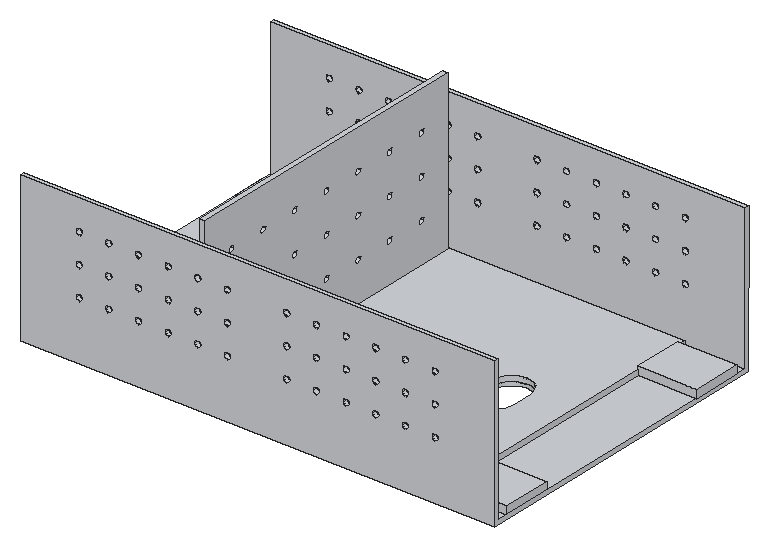
Revit family "SWS LT Double AnchorL", category Structural Connections, Revit 2026
Family settings
  Material for Model Behavior = Other
  Work Plane-Based = No
  Enable Cutting in Views = No
  Always vertical = No
  Cut with Voids When Loaded = No
  Shared = No
Parameters (values of type "SWS 800 LT (Double Anchor)")
  Version = "2.0"
  URL = "http://www.steelnetwork.com/product.aspx/StiffWall"
  Manufacturer = "The Steel Network, Inc."
  Is_800 = yes
  Is_600 = no
  Is_550 = no
  Is_400 = no
  Is_362 = no
  Is_350 = no
Types (7): name | Is_800 | Is_600 | Is_550 | Is_400 | Is_362 | Is_350
  (no name) | yes | no | no | no | no | no
  SWS 350 LT (Double Anchor) | no | no | no | no | no | yes
  SWS 362 LT (Double Anchor) | no | no | no | no | yes | no
  SWS 400 LT (Double Anchor) | no | no | no | yes | no | no
  SWS 550 LT (Double Anchor) | no | no | yes | no | no | no
  SWS 600 LT (Double Anchor) | no | yes | no | no | no | no
  SWS 800 LT (Double Anchor) | yes | no | no | no | no | no
Reference planes (in)
  plane 1 "Center (Front/Back)": y = 0
  plane 2: z = 0
  plane 3 "Center (Left/Right)": x = 0
Nested families (in)
  nested 1: "SWS 362 LT" at (3.00005, 0, 0.2257), visible <- "Is_362", type "SWS 362 LT"
  nested 2: "SWS 400 LT" at (3.00005, 0, 0.2257), visible <- "Is_400", type "SWS 400 LT"
  nested 3: "SWS 550 LT" at (3.00005, 0, 0.2257), visible <- "Is_550", type "SWS 550 LT"
  nested 4: "SWS 600 LT" at (3.00005, 0, 0.2257), visible <- "Is_600", type "SWS 600 LT"
  nested 5: "SWS 800 LT" at (3.00005, 0, 0.2257), visible <- "Is_800", type "SWS 800 LT"
  nested 6: "SWS 350 LT" at (3.00005, 0, 0.2257), visible <- "Is_350", type "SWS 350 LT"
Definition of nested family "SWS 362 LT"
  Parameters
    Default Elevation = 48.0000"
  Reference planes (in)
    plane 1 "Center (Front/Back)": y = 0
    plane 2: z = 0
    plane 3 "Center (Left/Right)": x = 0
    plane 4: y = 1.4536
    plane 5: y = 0.1893
    plane 6: y = -1.4536
  Forms (in)
    Extrusion 1, solid
      sketch origin (-3.00005, 0, 0) x (1, 0, 0) y (0, 0, 1)
        loop
          line (0, 4) -> (-0.124, 4) -> (-0.124, 0.11777) -> (-3, 0.11777) -> (-3, 0) -> (0, 0) -> (0, 4)
      from -1.6475 to 1.6475
    Extrusion 2, solid
      sketch origin (0, 0, 0) x (1, 0, 0) y (0, 0, 1)
        loop
          line (2.96875, 0) -> (-6.03125, 0) -> (-6.03125, -0.124) -> (2.96875, -0.124) -> (2.96875, 0)
      from -1.6845 to 1.6845
    Extrusion 3, solid
      sketch origin (0, 0, 0) x (0, 1, 0) y (0, 0, 1)
        loop
          line (1.8177, 3.5243) -> (1.716, 3.5243) -> (1.716, -0.124) -> (-1.716, -0.124) -> (-1.716, 3.5243) -> (-1.8177, 3.5243) -> (-1.8177, -0.2257) -> (1.8177, -0.2257) -> (1.8177, 3.5243)
      from -7.53125 to 4.46875
    Extrusion 4, void
      sketch origin (0, 0, 0) x (1, 0, 0) y (0, 0, 1)
        loop
          circle (-6.03125, 2.7743) r 0.082
        loop
          circle (-6.03125, 2.0243) r 0.082
        loop
          circle (-6.03125, 1.2743) r 0.082
        loop
          circle (-5.28125, 2.7743) r 0.082
        loop
          circle (-5.28125, 2.0243) r 0.082
        loop
          circle (-5.28125, 1.2743) r 0.082
        loop
          circle (-4.53125, 2.7743) r 0.082
        loop
          circle (-4.53125, 2.0243) r 0.082
        loop
          circle (-4.53125, 1.2743) r 0.082
        loop
          circle (-3.78125, 2.7743) r 0.082
        loop
          circle (-3.78125, 2.0243) r 0.082
        loop
          circle (-3.78125, 1.2743) r 0.082
        loop
          circle (-3.03125, 2.7743) r 0.082
        loop
          circle (-3.03125, 2.0243) r 0.082
        loop
          circle (-3.03125, 1.2743) r 0.082
        loop
          circle (-2.28125, 2.7743) r 0.082
        loop
          circle (-2.28125, 2.0243) r 0.082
        loop
          circle (-2.28125, 1.2743) r 0.082
        loop
          circle (-0.78125, 2.7743) r 0.082
        loop
          circle (-0.78125, 2.0243) r 0.082
        loop
          circle (-0.78125, 1.2743) r 0.082
        loop
          circle (-0.03125, 2.7743) r 0.082
        loop
          circle (-0.03125, 2.0243) r 0.082
        loop
          circle (-0.03125, 1.2743) r 0.082
        loop
          circle (0.71875, 2.7743) r 0.082
        loop
          circle (0.71875, 2.0243) r 0.082
        loop
          circle (0.71875, 1.2743) r 0.082
        loop
          circle (1.46875, 2.7743) r 0.082
        loop
          circle (1.46875, 2.0243) r 0.082
        loop
          circle (1.46875, 1.2743) r 0.082
        loop
          circle (2.21875, 2.7743) r 0.082
        loop
          circle (2.21875, 2.0243) r 0.082
        loop
          circle (2.21875, 1.2743) r 0.082
        loop
          circle (2.96875, 2.7743) r 0.082
        loop
          circle (2.96875, 2.0243) r 0.082
        loop
          circle (2.96875, 1.2743) r 0.082
      from 1.716 to 1.8177
    Extrusion 5, void
      sketch origin (0, 0, 0) x (1, 0, 0) y (0, 0, 1)
        loop
          circle (-6.03125, 2.7743) r 0.082
        loop
          circle (-6.03125, 2.0243) r 0.082
        loop
          circle (-6.03125, 1.2743) r 0.082
        loop
          circle (-5.28125, 2.7743) r 0.082
        loop
          circle (-5.28125, 2.0243) r 0.082
        loop
          circle (-5.28125, 1.2743) r 0.082
        loop
          circle (-4.53125, 2.7743) r 0.082
        loop
          circle (-4.53125, 2.0243) r 0.082
        loop
          circle (-4.53125, 1.2743) r 0.082
        loop
          circle (-3.78125, 2.7743) r 0.082
        loop
          circle (-3.78125, 2.0243) r 0.082
        loop
          circle (-3.78125, 1.2743) r 0.082
        loop
          circle (-3.03125, 2.7743) r 0.082
        loop
          circle (-3.03125, 2.0243) r 0.082
        loop
          circle (-3.03125, 1.2743) r 0.082
        loop
          circle (-2.28125, 2.7743) r 0.082
        loop
          circle (-2.28125, 2.0243) r 0.082
        loop
          circle (-2.28125, 1.2743) r 0.082
        loop
          circle (-0.78125, 2.7743) r 0.082
        loop
          circle (-0.78125, 2.0243) r 0.082
        loop
          circle (-0.78125, 1.2743) r 0.082
        loop
          circle (-0.03125, 2.7743) r 0.082
        loop
          circle (-0.03125, 2.0243) r 0.082
        loop
          circle (-0.03125, 1.2743) r 0.082
        loop
          circle (0.71875, 2.7743) r 0.082
        loop
          circle (0.71875, 2.0243) r 0.082
        loop
          circle (0.71875, 1.2743) r 0.082
        loop
          circle (1.46875, 2.7743) r 0.082
        loop
          circle (1.46875, 2.0243) r 0.082
        loop
          circle (1.46875, 1.2743) r 0.082
        loop
          circle (2.21875, 2.7743) r 0.082
        loop
          circle (2.21875, 2.0243) r 0.082
        loop
          circle (2.21875, 1.2743) r 0.082
        loop
          circle (2.96875, 2.7743) r 0.082
        loop
          circle (2.96875, 2.0243) r 0.082
        loop
          circle (2.96875, 1.2743) r 0.082
      from -1.8177 to -1.716
    Extrusion 6, void
      sketch origin (0, 0, 0) x (0, 1, 0) y (0, 0, 1)
        loop
          circle (-1.0685, 3) r 0.086
        loop
          circle (-1.0685, 2) r 0.086
        loop
          circle (-1.0685, 1) r 0.086
        loop
          circle (-0.0685, 3) r 0.086
        loop
          circle (-0.0685, 2) r 0.086
        loop
          circle (-0.0685, 1) r 0.086
        loop
          circle (0.9315, 3) r 0.086
        loop
          circle (0.9315, 2) r 0.086
        loop
          circle (0.9315, 1) r 0.086
      from -3.12405 to -3.00005
    Extrusion 7, solid
      sketch origin (10.5, 0, 0) x (1, 0, 0) y (0, 1, 0)
        loop
          line (-7.53125, 1.4536) -> (-7.53125, 0.1893) -> (-6.03125, 0.1893) -> (-6.03125, 1.4536) -> (-7.53125, 1.4536)
      from -0.124 to 0.0831
    Extrusion 8, void
      sketch origin (0, 0, 0) x (1, 0, 0) y (0, 1, 0)
        loop
          line (-5, 0.28125) -> (-5, -0.28125)
          arc (-5, -0.28125) -> (-4.53125, -0.75) -> (-4.0625, -0.28125) r 0.46875
          line (-4.0625, -0.28125) -> (-4.0625, 0.28125)
          arc (-4.0625, 0.28125) -> (-4.53125, 0.75) -> (-5, 0.28125) r 0.46875
        loop
          line (1, 0.28125) -> (1, -0.28125)
          arc (1, -0.28125) -> (1.46875, -0.75) -> (1.9375, -0.28125) r 0.46875
          line (1.9375, -0.28125) -> (1.9375, 0.28125)
          arc (1.9375, 0.28125) -> (1.46875, 0.75) -> (1, 0.28125) r 0.46875
      from -0.2257 to 0.11777
    Extrusion 9, void
      sketch origin (-3, 0, 0) x (1, 0, 0) y (0, 1, 0)
        loop
          line (1, 0.28125) -> (1, -0.28125)
          arc (1, -0.28125) -> (1.46875, -0.75) -> (1.9375, -0.28125) r 0.46875
          line (1.9375, -0.28125) -> (1.9375, 0.28125)
          arc (1.9375, 0.28125) -> (1.46875, 0.75) -> (1, 0.28125) r 0.46875
      from -0.2257 to 0
    Extrusion 10, solid
      sketch origin (10.5, -1.6429, 0) x (1, 0, 0) y (0, 1, 0)
        loop
          line (-7.53125, 1.4536) -> (-7.53125, 0.1893) -> (-6.03125, 0.1893) -> (-6.03125, 1.4536) -> (-7.53125, 1.4536)
      from -0.124 to 0.0831
    Extrusion 11, solid
      sketch origin (0, 0, 0) x (1, 0, 0) y (0, 1, 0)
        loop
          line (-7.53125, 1.4536) -> (-7.53125, 0.1893) -> (-6.03125, 0.1893) -> (-6.03125, 1.4536) -> (-7.53125, 1.4536)
      from -0.124 to 0.0831
    Extrusion 12, solid
      sketch origin (0, -1.6429, 0) x (1, 0, 0) y (0, 1, 0)
        loop
          line (-7.53125, 1.4536) -> (-7.53125, 0.1893) -> (-6.03125, 0.1893) -> (-6.03125, 1.4536) -> (-7.53125, 1.4536)
      from -0.124 to 0.0831
  Cuts and joins
    Extrusion 4, Extrusion 5, Extrusion 6, Extrusion 8, Extrusion 9 cuts Extrusion 1
    Extrusion 4, Extrusion 5, Extrusion 6, Extrusion 8, Extrusion 9 cuts Extrusion 3
    Extrusion 8, Extrusion 9 cuts Extrusion 2
Definition of nested family "SWS 400 LT"
  Parameters
    Default Elevation = 48.0000"
  Reference planes (in)
    plane 1 "Center (Front/Back)": y = 0
    plane 2: z = 0
    plane 3 "Center (Left/Right)": x = 0
    plane 4: y = -1.9035
  Forms (in)
    Extrusion 1, solid
      sketch origin (-3.00005, 0, 0) x (1, 0, 0) y (0, 0, 1)
        loop
          line (0, 4) -> (-0.124, 4) -> (-0.124, 0.11777) -> (-3, 0.11777) -> (-3, 0) -> (0, 0) -> (0, 4)
      from -1.835 to 1.835
    Extrusion 2, solid
      sketch origin (0, 0, 0) x (1, 0, 0) y (0, 0, 1)
        loop
          line (2.96875, 0) -> (-6.03125, 0) -> (-6.03125, -0.124) -> (2.96875, -0.124) -> (2.96875, 0)
      from -1.872 to 1.872
    Extrusion 3, solid
      sketch origin (0, 0, 0) x (0, 1, 0) y (0, 0, 1)
        loop
          line (2.0052, 3.5243) -> (1.9035, 3.5243) -> (1.9035, -0.124) -> (-1.9035, -0.124) -> (-1.9035, 3.5243) -> (-2.0052, 3.5243) -> (-2.0052, -0.2257) -> (2.0052, -0.2257) -> (2.0052, 3.5243)
      from -7.53125 to 4.46875
    Extrusion 4, void
      sketch origin (0, 0, 0) x (1, 0, 0) y (0, 0, 1)
        loop
          circle (-6.03125, 2.7743) r 0.082
        loop
          circle (-6.03125, 2.0243) r 0.082
        loop
          circle (-6.03125, 1.2743) r 0.082
        loop
          circle (-5.28125, 2.7743) r 0.082
        loop
          circle (-5.28125, 2.0243) r 0.082
        loop
          circle (-5.28125, 1.2743) r 0.082
        loop
          circle (-4.53125, 2.7743) r 0.082
        loop
          circle (-4.53125, 2.0243) r 0.082
        loop
          circle (-4.53125, 1.2743) r 0.082
        loop
          circle (-3.78125, 2.7743) r 0.082
        loop
          circle (-3.78125, 2.0243) r 0.082
        loop
          circle (-3.78125, 1.2743) r 0.082
        loop
          circle (-3.03125, 2.7743) r 0.082
        loop
          circle (-3.03125, 2.0243) r 0.082
        loop
          circle (-3.03125, 1.2743) r 0.082
        loop
          circle (-2.28125, 2.7743) r 0.082
        loop
          circle (-2.28125, 2.0243) r 0.082
        loop
          circle (-2.28125, 1.2743) r 0.082
        loop
          circle (-0.78125, 2.7743) r 0.082
        loop
          circle (-0.78125, 2.0243) r 0.082
        loop
          circle (-0.78125, 1.2743) r 0.082
        loop
          circle (-0.03125, 2.7743) r 0.082
        loop
          circle (-0.03125, 2.0243) r 0.082
        loop
          circle (-0.03125, 1.2743) r 0.082
        loop
          circle (0.71875, 2.7743) r 0.082
        loop
          circle (0.71875, 2.0243) r 0.082
        loop
          circle (0.71875, 1.2743) r 0.082
        loop
          circle (1.46875, 2.7743) r 0.082
        loop
          circle (1.46875, 2.0243) r 0.082
        loop
          circle (1.46875, 1.2743) r 0.082
        loop
          circle (2.21875, 2.7743) r 0.082
        loop
          circle (2.21875, 2.0243) r 0.082
        loop
          circle (2.21875, 1.2743) r 0.082
        loop
          circle (2.96875, 2.7743) r 0.082
        loop
          circle (2.96875, 2.0243) r 0.082
        loop
          circle (2.96875, 1.2743) r 0.082
      from 1.9035 to 2.0052
    Extrusion 5, void
      sketch origin (0, 0, 0) x (1, 0, 0) y (0, 0, 1)
        loop
          circle (-6.03125, 2.7743) r 0.082
        loop
          circle (-6.03125, 2.0243) r 0.082
        loop
          circle (-6.03125, 1.2743) r 0.082
        loop
          circle (-5.28125, 2.7743) r 0.082
        loop
          circle (-5.28125, 2.0243) r 0.082
        loop
          circle (-5.28125, 1.2743) r 0.082
        loop
          circle (-4.53125, 2.7743) r 0.082
        loop
          circle (-4.53125, 2.0243) r 0.082
        loop
          circle (-4.53125, 1.2743) r 0.082
        loop
          circle (-3.78125, 2.7743) r 0.082
        loop
          circle (-3.78125, 2.0243) r 0.082
        loop
          circle (-3.78125, 1.2743) r 0.082
        loop
          circle (-3.03125, 2.7743) r 0.082
        loop
          circle (-3.03125, 2.0243) r 0.082
        loop
          circle (-3.03125, 1.2743) r 0.082
        loop
          circle (-2.28125, 2.7743) r 0.082
        loop
          circle (-2.28125, 2.0243) r 0.082
        loop
          circle (-2.28125, 1.2743) r 0.082
        loop
          circle (-0.78125, 2.7743) r 0.082
        loop
          circle (-0.78125, 2.0243) r 0.082
        loop
          circle (-0.78125, 1.2743) r 0.082
        loop
          circle (-0.03125, 2.7743) r 0.082
        loop
          circle (-0.03125, 2.0243) r 0.082
        loop
          circle (-0.03125, 1.2743) r 0.082
        loop
          circle (0.71875, 2.7743) r 0.082
        loop
          circle (0.71875, 2.0243) r 0.082
        loop
          circle (0.71875, 1.2743) r 0.082
        loop
          circle (1.46875, 2.7743) r 0.082
        loop
          circle (1.46875, 2.0243) r 0.082
        loop
          circle (1.46875, 1.2743) r 0.082
        loop
          circle (2.21875, 2.7743) r 0.082
        loop
          circle (2.21875, 2.0243) r 0.082
        loop
          circle (2.21875, 1.2743) r 0.082
        loop
          circle (2.96875, 2.7743) r 0.082
        loop
          circle (2.96875, 2.0243) r 0.082
        loop
          circle (2.96875, 1.2743) r 0.082
      from -2.0052 to -1.9035
    Extrusion 6, void
      sketch origin (0, 0, 0) x (0, 1, 0) y (0, 0, 1)
        loop
          circle (-1, 3) r 0.086
        loop
          circle (-1, 2) r 0.086
        loop
          circle (-1, 1) r 0.086
        loop
          circle (0, 3) r 0.086
        loop
          circle (0, 2) r 0.086
        loop
          circle (0, 1) r 0.086
        loop
          circle (1, 3) r 0.086
        loop
          circle (1, 2) r 0.086
        loop
          circle (1, 1) r 0.086
      from -3.12405 to -3.00005
    Extrusion 7, solid
      sketch origin (10.5, 0, 0) x (1, 0, 0) y (0, 1, 0)
        loop
          line (-7.53125, 1.6411) -> (-7.53125, 0.3768) -> (-6.03125, 0.3768) -> (-6.03125, 1.6411) -> (-7.53125, 1.6411)
      from -0.124 to 0.0831
    Extrusion 8, void
      sketch origin (0, 0, 0) x (1, 0, 0) y (0, 1, 0)
        loop
          line (-5, 0.28125) -> (-5, -0.28125)
          arc (-5, -0.28125) -> (-4.53125, -0.75) -> (-4.0625, -0.28125) r 0.46875
          line (-4.0625, -0.28125) -> (-4.0625, 0.28125)
          arc (-4.0625, 0.28125) -> (-4.53125, 0.75) -> (-5, 0.28125) r 0.46875
        loop
          line (1, 0.28125) -> (1, -0.28125)
          arc (1, -0.28125) -> (1.46875, -0.75) -> (1.9375, -0.28125) r 0.46875
          line (1.9375, -0.28125) -> (1.9375, 0.28125)
          arc (1.9375, 0.28125) -> (1.46875, 0.75) -> (1, 0.28125) r 0.46875
      from -0.2257 to 0.11777
    Extrusion 9, void
      sketch origin (-3, 0, 0) x (1, 0, 0) y (0, 1, 0)
        loop
          line (1, 0.28125) -> (1, -0.28125)
          arc (1, -0.28125) -> (1.46875, -0.75) -> (1.9375, -0.28125) r 0.46875
          line (1.9375, -0.28125) -> (1.9375, 0.28125)
          arc (1.9375, 0.28125) -> (1.46875, 0.75) -> (1, 0.28125) r 0.46875
      from -0.2257 to 0
    Extrusion 10, solid
      sketch origin (10.5, -2.0179, 0) x (1, 0, 0) y (0, 1, 0)
        loop
          line (-7.53125, 1.6411) -> (-7.53125, 0.3768) -> (-6.03125, 0.3768) -> (-6.03125, 1.6411) -> (-7.53125, 1.6411)
      from -0.124 to 0.0831
    Extrusion 11, solid
      sketch origin (0, 0, 0) x (1, 0, 0) y (0, 1, 0)
        loop
          line (-7.53125, 1.6411) -> (-7.53125, 0.3768) -> (-6.03125, 0.3768) -> (-6.03125, 1.6411) -> (-7.53125, 1.6411)
      from -0.124 to 0.0831
    Extrusion 12, solid
      sketch origin (0, -2.0179, 0) x (1, 0, 0) y (0, 1, 0)
        loop
          line (-7.53125, 1.6411) -> (-7.53125, 0.3768) -> (-6.03125, 0.3768) -> (-6.03125, 1.6411) -> (-7.53125, 1.6411)
      from -0.124 to 0.0831
  Cuts and joins
    Extrusion 4, Extrusion 5, Extrusion 6, Extrusion 8, Extrusion 9 cuts Extrusion 1
    Extrusion 4, Extrusion 5, Extrusion 6, Extrusion 8, Extrusion 9 cuts Extrusion 3
    Extrusion 8, Extrusion 9 cuts Extrusion 2
Definition of nested family "SWS 550 LT"
  Parameters
    Default Elevation = 48.0000"
  Reference planes (in)
    plane 1 "Center (Front/Back)": y = 0
    plane 2: z = 0
    plane 3 "Center (Left/Right)": x = 0
    plane 4: y = -2.6535
    plane 5: y = 2.3911
    plane 6: y = 1.1268
    plane 7: y = -2.3911
  Forms (in)
    Extrusion 1, solid
      sketch origin (-3.00005, 0, 0) x (1, 0, 0) y (0, 0, 1)
        loop
          line (0, 4) -> (-0.124, 4) -> (-0.124, 0.11777) -> (-3, 0.11777) -> (-3, 0) -> (0, 0) -> (0, 4)
      from -2.585 to 2.585
    Extrusion 2, solid
      sketch origin (0, 0, 0) x (1, 0, 0) y (0, 0, 1)
        loop
          line (2.96875, 0) -> (-6.03125, 0) -> (-6.03125, -0.124) -> (2.96875, -0.124) -> (2.96875, 0)
      from -2.622 to 2.622
    Extrusion 3, solid
      sketch origin (0, 0, 0) x (0, 1, 0) y (0, 0, 1)
        loop
          line (2.7552, 3.5243) -> (2.6535, 3.5243) -> (2.6535, -0.124) -> (-2.6535, -0.124) -> (-2.6535, 3.5243) -> (-2.7552, 3.5243) -> (-2.7552, -0.2257) -> (2.7552, -0.2257) -> (2.7552, 3.5243)
      from -7.53125 to 4.46875
    Extrusion 4, void
      sketch origin (0, 0, 0) x (1, 0, 0) y (0, 0, 1)
        loop
          circle (-6.03125, 2.7743) r 0.082
        loop
          circle (-6.03125, 2.0243) r 0.082
        loop
          circle (-6.03125, 1.2743) r 0.082
        loop
          circle (-5.28125, 2.7743) r 0.082
        loop
          circle (-5.28125, 2.0243) r 0.082
        loop
          circle (-5.28125, 1.2743) r 0.082
        loop
          circle (-4.53125, 2.7743) r 0.082
        loop
          circle (-4.53125, 2.0243) r 0.082
        loop
          circle (-4.53125, 1.2743) r 0.082
        loop
          circle (-3.78125, 2.7743) r 0.082
        loop
          circle (-3.78125, 2.0243) r 0.082
        loop
          circle (-3.78125, 1.2743) r 0.082
        loop
          circle (-3.03125, 2.7743) r 0.082
        loop
          circle (-3.03125, 2.0243) r 0.082
        loop
          circle (-3.03125, 1.2743) r 0.082
        loop
          circle (-2.28125, 2.7743) r 0.082
        loop
          circle (-2.28125, 2.0243) r 0.082
        loop
          circle (-2.28125, 1.2743) r 0.082
        loop
          circle (-0.78125, 2.7743) r 0.082
        loop
          circle (-0.78125, 2.0243) r 0.082
        loop
          circle (-0.78125, 1.2743) r 0.082
        loop
          circle (-0.03125, 2.7743) r 0.082
        loop
          circle (-0.03125, 2.0243) r 0.082
        loop
          circle (-0.03125, 1.2743) r 0.082
        loop
          circle (0.71875, 2.7743) r 0.082
        loop
          circle (0.71875, 2.0243) r 0.082
        loop
          circle (0.71875, 1.2743) r 0.082
        loop
          circle (1.46875, 2.7743) r 0.082
        loop
          circle (1.46875, 2.0243) r 0.082
        loop
          circle (1.46875, 1.2743) r 0.082
        loop
          circle (2.21875, 2.7743) r 0.082
        loop
          circle (2.21875, 2.0243) r 0.082
        loop
          circle (2.21875, 1.2743) r 0.082
        loop
          circle (2.96875, 2.7743) r 0.082
        loop
          circle (2.96875, 2.0243) r 0.082
        loop
          circle (2.96875, 1.2743) r 0.082
      from 2.6535 to 2.7552
    Extrusion 5, void
      sketch origin (0, 0, 0) x (1, 0, 0) y (0, 0, 1)
        loop
          circle (-6.03125, 2.7743) r 0.082
        loop
          circle (-6.03125, 2.0243) r 0.082
        loop
          circle (-6.03125, 1.2743) r 0.082
        loop
          circle (-5.28125, 2.7743) r 0.082
        loop
          circle (-5.28125, 2.0243) r 0.082
        loop
          circle (-5.28125, 1.2743) r 0.082
        loop
          circle (-4.53125, 2.7743) r 0.082
        loop
          circle (-4.53125, 2.0243) r 0.082
        loop
          circle (-4.53125, 1.2743) r 0.082
        loop
          circle (-3.78125, 2.7743) r 0.082
        loop
          circle (-3.78125, 2.0243) r 0.082
        loop
          circle (-3.78125, 1.2743) r 0.082
        loop
          circle (-3.03125, 2.7743) r 0.082
        loop
          circle (-3.03125, 2.0243) r 0.082
        loop
          circle (-3.03125, 1.2743) r 0.082
        loop
          circle (-2.28125, 2.7743) r 0.082
        loop
          circle (-2.28125, 2.0243) r 0.082
        loop
          circle (-2.28125, 1.2743) r 0.082
        loop
          circle (-0.78125, 2.7743) r 0.082
        loop
          circle (-0.78125, 2.0243) r 0.082
        loop
          circle (-0.78125, 1.2743) r 0.082
        loop
          circle (-0.03125, 2.7743) r 0.082
        loop
          circle (-0.03125, 2.0243) r 0.082
        loop
          circle (-0.03125, 1.2743) r 0.082
        loop
          circle (0.71875, 2.7743) r 0.082
        loop
          circle (0.71875, 2.0243) r 0.082
        loop
          circle (0.71875, 1.2743) r 0.082
        loop
          circle (1.46875, 2.7743) r 0.082
        loop
          circle (1.46875, 2.0243) r 0.082
        loop
          circle (1.46875, 1.2743) r 0.082
        loop
          circle (2.21875, 2.7743) r 0.082
        loop
          circle (2.21875, 2.0243) r 0.082
        loop
          circle (2.21875, 1.2743) r 0.082
        loop
          circle (2.96875, 2.7743) r 0.082
        loop
          circle (2.96875, 2.0243) r 0.082
        loop
          circle (2.96875, 1.2743) r 0.082
      from -2.7552 to -2.6535
    Extrusion 6, void
      sketch origin (0, 0, 0) x (0, 1, 0) y (0, 0, 1)
        loop
          circle (-2, 3) r 0.086
        loop
          circle (-2, 2) r 0.086
        loop
          circle (-1.99699, 1) r 0.086
        loop
          circle (-1, 3) r 0.086
        loop
          circle (-1, 2) r 0.086
        loop
          circle (-1, 1) r 0.086
        loop
          circle (1, 3) r 0.086
        loop
          circle (1, 2) r 0.086
        loop
          circle (1, 1) r 0.086
        loop
          circle (0, 3) r 0.086
        loop
          circle (0, 2) r 0.086
        loop
          circle (0, 1) r 0.086
        loop
          circle (2, 3) r 0.086
        loop
          circle (2, 2) r 0.086
        loop
          circle (2, 1) r 0.086
      from -3.12405 to -3.00005
    Extrusion 7, solid
      sketch origin (10.5, 0, 0) x (1, 0, 0) y (0, 1, 0)
        loop
          line (-7.53125, 2.3911) -> (-7.53125, 1.1268) -> (-6.03125, 1.1268) -> (-6.03125, 2.3911) -> (-7.53125, 2.3911)
      from -0.124 to 0.0831
    Extrusion 8, void
      sketch origin (0, 0, 0) x (1, 0, 0) y (0, 1, 0)
        loop
          line (-5, 0.28125) -> (-5, -0.28125)
          arc (-5, -0.28125) -> (-4.53125, -0.75) -> (-4.0625, -0.28125) r 0.46875
          line (-4.0625, -0.28125) -> (-4.0625, 0.28125)
          arc (-4.0625, 0.28125) -> (-4.53125, 0.75) -> (-5, 0.28125) r 0.46875
        loop
          line (1, 0.28125) -> (1, -0.28125)
          arc (1, -0.28125) -> (1.46875, -0.75) -> (1.9375, -0.28125) r 0.46875
          line (1.9375, -0.28125) -> (1.9375, 0.28125)
          arc (1.9375, 0.28125) -> (1.46875, 0.75) -> (1, 0.28125) r 0.46875
      from -0.2257 to 0.11777
    Extrusion 9, void
      sketch origin (-3, 0, 0) x (1, 0, 0) y (0, 1, 0)
        loop
          line (1, 0.28125) -> (1, -0.28125)
          arc (1, -0.28125) -> (1.46875, -0.75) -> (1.9375, -0.28125) r 0.46875
          line (1.9375, -0.28125) -> (1.9375, 0.28125)
          arc (1.9375, 0.28125) -> (1.46875, 0.75) -> (1, 0.28125) r 0.46875
      from -0.2257 to 0
    Extrusion 10, solid
      sketch origin (10.5, -3.5179, 0) x (1, 0, 0) y (0, 1, 0)
        loop
          line (-7.53125, 2.3911) -> (-7.53125, 1.1268) -> (-6.03125, 1.1268) -> (-6.03125, 2.3911) -> (-7.53125, 2.3911)
      from -0.124 to 0.0831
    Extrusion 11, solid
      sketch origin (0, 0, 0) x (1, 0, 0) y (0, 1, 0)
        loop
          line (-7.53125, 2.3911) -> (-7.53125, 1.1268) -> (-6.03125, 1.1268) -> (-6.03125, 2.3911) -> (-7.53125, 2.3911)
      from -0.124 to 0.0831
    Extrusion 12, solid
      sketch origin (0, -3.5179, 0) x (1, 0, 0) y (0, 1, 0)
        loop
          line (-7.53125, 2.3911) -> (-7.53125, 1.1268) -> (-6.03125, 1.1268) -> (-6.03125, 2.3911) -> (-7.53125, 2.3911)
      from -0.124 to 0.0831
  Cuts and joins
    Extrusion 4, Extrusion 5, Extrusion 6, Extrusion 8, Extrusion 9 cuts Extrusion 1
    Extrusion 4, Extrusion 5, Extrusion 6, Extrusion 8, Extrusion 9 cuts Extrusion 3
    Extrusion 8, Extrusion 9 cuts Extrusion 2
Definition of nested family "SWS 600 LT"
  Parameters
    Default Elevation = 48.0000"
  Reference planes (in)
    plane 1 "Center (Front/Back)": y = 0
    plane 2: z = 0
    plane 3 "Center (Left/Right)": x = 0
    plane 4: y = 2.6411
    plane 5: y = 1.3768
    plane 6: y = -2.6411
  Forms (in)
    Extrusion 1, solid
      sketch origin (-3.00005, 0, 0) x (1, 0, 0) y (0, 0, 1)
        loop
          line (0, 4) -> (-0.124, 4) -> (-0.124, 0.11777) -> (-3, 0.11777) -> (-3, 0) -> (0, 0) -> (0, 4)
      from -2.835 to 2.835
    Extrusion 2, solid
      sketch origin (0, 0, 0) x (1, 0, 0) y (0, 0, 1)
        loop
          line (2.96875, 0) -> (-6.03125, 0) -> (-6.03125, -0.124) -> (2.96875, -0.124) -> (2.96875, 0)
      from -2.872 to 2.872
    Extrusion 3, solid
      sketch origin (0, 0, 0) x (0, 1, 0) y (0, 0, 1)
        loop
          line (3.0052, 3.5243) -> (2.9035, 3.5243) -> (2.9035, -0.124) -> (-2.9035, -0.124) -> (-2.9035, 3.5243) -> (-3.0052, 3.5243) -> (-3.0052, -0.2257) -> (3.0052, -0.2257) -> (3.0052, 3.5243)
      from -7.53125 to 4.46875
    Extrusion 4, void
      sketch origin (0, 0, 0) x (1, 0, 0) y (0, 0, 1)
        loop
          circle (-6.03125, 2.7743) r 0.082
        loop
          circle (-6.03125, 2.0243) r 0.082
        loop
          circle (-6.03125, 1.2743) r 0.082
        loop
          circle (-5.28125, 2.7743) r 0.082
        loop
          circle (-5.28125, 2.0243) r 0.082
        loop
          circle (-5.28125, 1.2743) r 0.082
        loop
          circle (-4.53125, 2.7743) r 0.082
        loop
          circle (-4.53125, 2.0243) r 0.082
        loop
          circle (-4.53125, 1.2743) r 0.082
        loop
          circle (-3.78125, 2.7743) r 0.082
        loop
          circle (-3.78125, 2.0243) r 0.082
        loop
          circle (-3.78125, 1.2743) r 0.082
        loop
          circle (-3.03125, 2.7743) r 0.082
        loop
          circle (-3.03125, 2.0243) r 0.082
        loop
          circle (-3.03125, 1.2743) r 0.082
        loop
          circle (-2.28125, 2.7743) r 0.082
        loop
          circle (-2.28125, 2.0243) r 0.082
        loop
          circle (-2.28125, 1.2743) r 0.082
        loop
          circle (-0.78125, 2.7743) r 0.082
        loop
          circle (-0.78125, 2.0243) r 0.082
        loop
          circle (-0.78125, 1.2743) r 0.082
        loop
          circle (-0.03125, 2.7743) r 0.082
        loop
          circle (-0.03125, 2.0243) r 0.082
        loop
          circle (-0.03125, 1.2743) r 0.082
        loop
          circle (0.71875, 2.7743) r 0.082
        loop
          circle (0.71875, 2.0243) r 0.082
        loop
          circle (0.71875, 1.2743) r 0.082
        loop
          circle (1.46875, 2.7743) r 0.082
        loop
          circle (1.46875, 2.0243) r 0.082
        loop
          circle (1.46875, 1.2743) r 0.082
        loop
          circle (2.21875, 2.7743) r 0.082
        loop
          circle (2.21875, 2.0243) r 0.082
        loop
          circle (2.21875, 1.2743) r 0.082
        loop
          circle (2.96875, 2.7743) r 0.082
        loop
          circle (2.96875, 2.0243) r 0.082
        loop
          circle (2.96875, 1.2743) r 0.082
      from 2.9035 to 3.0052
    Extrusion 5, void
      sketch origin (0, 0, 0) x (1, 0, 0) y (0, 0, 1)
        loop
          circle (-6.03125, 2.7743) r 0.082
        loop
          circle (-6.03125, 2.0243) r 0.082
        loop
          circle (-6.03125, 1.2743) r 0.082
        loop
          circle (-5.28125, 2.7743) r 0.082
        loop
          circle (-5.28125, 2.0243) r 0.082
        loop
          circle (-5.28125, 1.2743) r 0.082
        loop
          circle (-4.53125, 2.7743) r 0.082
        loop
          circle (-4.53125, 2.0243) r 0.082
        loop
          circle (-4.53125, 1.2743) r 0.082
        loop
          circle (-3.78125, 2.7743) r 0.082
        loop
          circle (-3.78125, 2.0243) r 0.082
        loop
          circle (-3.78125, 1.2743) r 0.082
        loop
          circle (-3.03125, 2.7743) r 0.082
        loop
          circle (-3.03125, 2.0243) r 0.082
        loop
          circle (-3.03125, 1.2743) r 0.082
        loop
          circle (-2.28125, 2.7743) r 0.082
        loop
          circle (-2.28125, 2.0243) r 0.082
        loop
          circle (-2.28125, 1.2743) r 0.082
        loop
          circle (-0.78125, 2.7743) r 0.082
        loop
          circle (-0.78125, 2.0243) r 0.082
        loop
          circle (-0.78125, 1.2743) r 0.082
        loop
          circle (-0.03125, 2.7743) r 0.082
        loop
          circle (-0.03125, 2.0243) r 0.082
        loop
          circle (-0.03125, 1.2743) r 0.082
        loop
          circle (0.71875, 2.7743) r 0.082
        loop
          circle (0.71875, 2.0243) r 0.082
        loop
          circle (0.71875, 1.2743) r 0.082
        loop
          circle (1.46875, 2.7743) r 0.082
        loop
          circle (1.46875, 2.0243) r 0.082
        loop
          circle (1.46875, 1.2743) r 0.082
        loop
          circle (2.21875, 2.7743) r 0.082
        loop
          circle (2.21875, 2.0243) r 0.082
        loop
          circle (2.21875, 1.2743) r 0.082
        loop
          circle (2.96875, 2.7743) r 0.082
        loop
          circle (2.96875, 2.0243) r 0.082
        loop
          circle (2.96875, 1.2743) r 0.082
      from -3.0052 to -2.9035
    Extrusion 6, void
      sketch origin (0, 0, 0) x (0, 1, 0) y (0, 0, 1)
        loop
          circle (0, 3) r 0.086
        loop
          circle (0, 2) r 0.086
        loop
          circle (0, 1) r 0.086
        loop
          circle (1, 3) r 0.086
        loop
          circle (1, 2) r 0.086
        loop
          circle (1, 1) r 0.086
        loop
          circle (2, 3) r 0.086
        loop
          circle (2, 2) r 0.086
        loop
          circle (2, 1) r 0.086
        loop
          circle (-2, 3) r 0.086
        loop
          circle (-2, 2) r 0.086
        loop
          circle (-2, 1) r 0.086
        loop
          circle (-1, 3) r 0.086
        loop
          circle (-1, 2) r 0.086
        loop
          circle (-1, 1) r 0.086
      from -3.12405 to -3.00005
    Extrusion 7, solid
      sketch origin (0, 0, 0) x (1, 0, 0) y (0, 1, 0)
        loop
          line (-7.53125, 2.6411) -> (-7.53125, 1.3768) -> (-6.03125, 1.3768) -> (-6.03125, 2.6411) -> (-7.53125, 2.6411)
      from -0.124 to 0.0831
    Extrusion 8, solid
      sketch origin (10.5, 0, 0) x (1, 0, 0) y (0, 1, 0)
        loop
          line (-7.53125, 2.6411) -> (-7.53125, 1.3768) -> (-6.03125, 1.3768) -> (-6.03125, 2.6411) -> (-7.53125, 2.6411)
      from -0.124 to 0.0831
    Extrusion 9, void
      sketch origin (0, 0, 0) x (1, 0, 0) y (0, 1, 0)
        loop
          line (-5, 0.28125) -> (-5, -0.28125)
          arc (-5, -0.28125) -> (-4.53125, -0.75) -> (-4.0625, -0.28125) r 0.46875
          line (-4.0625, -0.28125) -> (-4.0625, 0.28125)
          arc (-4.0625, 0.28125) -> (-4.53125, 0.75) -> (-5, 0.28125) r 0.46875
        loop
          line (1, 0.28125) -> (1, -0.28125)
          arc (1, -0.28125) -> (1.46875, -0.75) -> (1.9375, -0.28125) r 0.46875
          line (1.9375, -0.28125) -> (1.9375, 0.28125)
          arc (1.9375, 0.28125) -> (1.46875, 0.75) -> (1, 0.28125) r 0.46875
      from -0.2257 to 0.11777
    Extrusion 10, void
      sketch origin (-3, 0, 0) x (1, 0, 0) y (0, 1, 0)
        loop
          line (1, 0.28125) -> (1, -0.28125)
          arc (1, -0.28125) -> (1.46875, -0.75) -> (1.9375, -0.28125) r 0.46875
          line (1.9375, -0.28125) -> (1.9375, 0.28125)
          arc (1.9375, 0.28125) -> (1.46875, 0.75) -> (1, 0.28125) r 0.46875
      from -0.2257 to 0
    Extrusion 11, solid
      sketch origin (0, -4.0179, 0) x (1, 0, 0) y (0, 1, 0)
        loop
          line (-7.53125, 2.6411) -> (-7.53125, 1.3768) -> (-6.03125, 1.3768) -> (-6.03125, 2.6411) -> (-7.53125, 2.6411)
      from -0.124 to 0.0831
    Extrusion 12, solid
      sketch origin (10.5, -4.0179, 0) x (1, 0, 0) y (0, 1, 0)
        loop
          line (-7.53125, 2.6411) -> (-7.53125, 1.3768) -> (-6.03125, 1.3768) -> (-6.03125, 2.6411) -> (-7.53125, 2.6411)
      from -0.124 to 0.0831
  Cuts and joins
    Extrusion 4, Extrusion 5, Extrusion 6, Extrusion 9, Extrusion 10 cuts Extrusion 1
    Extrusion 4, Extrusion 5, Extrusion 6, Extrusion 9, Extrusion 10 cuts Extrusion 3
    Extrusion 9, Extrusion 10 cuts Extrusion 2
Definition of nested family "SWS 800 LT"
  Parameters
    Default Elevation = 48.0000"
  Reference planes (in)
    plane 1 "Center (Front/Back)": y = 0
    plane 2: z = 0
    plane 3 "Center (Left/Right)": x = 0
    plane 4: y = 3.6411
    plane 5: y = 2.3768
    plane 6: y = -3.6411
  Forms (in)
    Extrusion 1, solid
      sketch origin (-3.00005, 0, 0) x (1, 0, 0) y (0, 0, 1)
        loop
          line (0, 4) -> (-0.124, 4) -> (-0.124, 0.11777) -> (-3, 0.11777) -> (-3, 0) -> (0, 0) -> (0, 4)
      from -3.83495 to 3.83495
    Extrusion 2, solid
      sketch origin (0, 0, 0) x (1, 0, 0) y (0, 0, 1)
        loop
          line (2.96875, 0) -> (-6.03125, 0) -> (-6.03125, -0.124) -> (2.96875, -0.124) -> (2.96875, 0)
      from -3.872 to 3.872
    Extrusion 3, solid
      sketch origin (0, 0, 0) x (0, 1, 0) y (0, 0, 1)
        loop
          line (4.0052, 3.5243) -> (3.9035, 3.5243) -> (3.9035, -0.124) -> (-3.9035, -0.124) -> (-3.9035, 3.5243) -> (-4.0052, 3.5243) -> (-4.0052, -0.2257) -> (4.0052, -0.2257) -> (4.0052, 3.5243)
      from -7.53125 to 4.46875
    Extrusion 4, void
      sketch origin (0, 0, 0) x (1, 0, 0) y (0, 0, 1)
        loop
          circle (-6.03125, 2.7743) r 0.082
        loop
          circle (-6.03125, 2.0243) r 0.082
        loop
          circle (-6.03125, 1.2743) r 0.082
        loop
          circle (-5.28125, 2.7743) r 0.082
        loop
          circle (-5.28125, 2.0243) r 0.082
        loop
          circle (-5.28125, 1.2743) r 0.082
        loop
          circle (-4.53125, 2.7743) r 0.082
        loop
          circle (-4.53125, 2.0243) r 0.082
        loop
          circle (-4.53125, 1.2743) r 0.082
        loop
          circle (-3.78125, 2.7743) r 0.082
        loop
          circle (-3.78125, 2.0243) r 0.082
        loop
          circle (-3.78125, 1.2743) r 0.082
        loop
          circle (-3.03125, 2.7743) r 0.082
        loop
          circle (-3.03125, 2.0243) r 0.082
        loop
          circle (-3.03125, 1.2743) r 0.082
        loop
          circle (-2.28125, 2.7743) r 0.082
        loop
          circle (-2.28125, 2.0243) r 0.082
        loop
          circle (-2.28125, 1.2743) r 0.082
        loop
          circle (-0.78125, 2.7743) r 0.082
        loop
          circle (-0.78125, 2.0243) r 0.082
        loop
          circle (-0.78125, 1.2743) r 0.082
        loop
          circle (-0.03125, 2.7743) r 0.082
        loop
          circle (-0.03125, 2.0243) r 0.082
        loop
          circle (-0.03125, 1.2743) r 0.082
        loop
          circle (0.71875, 2.7743) r 0.082
        loop
          circle (0.71875, 2.0243) r 0.082
        loop
          circle (0.71875, 1.2743) r 0.082
        loop
          circle (1.46875, 2.7743) r 0.082
        loop
          circle (1.46875, 2.0243) r 0.082
        loop
          circle (1.46875, 1.2743) r 0.082
        loop
          circle (2.21875, 2.7743) r 0.082
        loop
          circle (2.21875, 2.0243) r 0.082
        loop
          circle (2.21875, 1.2743) r 0.082
        loop
          circle (2.96875, 2.7743) r 0.082
        loop
          circle (2.96875, 2.0243) r 0.082
        loop
          circle (2.96875, 1.2743) r 0.082
      from 3.9035 to 4.0052
    Extrusion 5, void
      sketch origin (0, 0, 0) x (1, 0, 0) y (0, 0, 1)
        loop
          circle (-6.03125, 2.7743) r 0.082
        loop
          circle (-6.03125, 2.0243) r 0.082
        loop
          circle (-6.03125, 1.2743) r 0.082
        loop
          circle (-5.28125, 2.7743) r 0.082
        loop
          circle (-5.28125, 2.0243) r 0.082
        loop
          circle (-5.28125, 1.2743) r 0.082
        loop
          circle (-4.53125, 2.7743) r 0.082
        loop
          circle (-4.53125, 2.0243) r 0.082
        loop
          circle (-4.53125, 1.2743) r 0.082
        loop
          circle (-3.78125, 2.7743) r 0.082
        loop
          circle (-3.78125, 2.0243) r 0.082
        loop
          circle (-3.78125, 1.2743) r 0.082
        loop
          circle (-3.03125, 2.7743) r 0.082
        loop
          circle (-3.03125, 2.0243) r 0.082
        loop
          circle (-3.03125, 1.2743) r 0.082
        loop
          circle (-2.28125, 2.7743) r 0.082
        loop
          circle (-2.28125, 2.0243) r 0.082
        loop
          circle (-2.28125, 1.2743) r 0.082
        loop
          circle (-0.78125, 2.7743) r 0.082
        loop
          circle (-0.78125, 2.0243) r 0.082
        loop
          circle (-0.78125, 1.2743) r 0.082
        loop
          circle (-0.03125, 2.7743) r 0.082
        loop
          circle (-0.03125, 2.0243) r 0.082
        loop
          circle (-0.03125, 1.2743) r 0.082
        loop
          circle (0.71875, 2.7743) r 0.082
        loop
          circle (0.71875, 2.0243) r 0.082
        loop
          circle (0.71875, 1.2743) r 0.082
        loop
          circle (1.46875, 2.7743) r 0.082
        loop
          circle (1.46875, 2.0243) r 0.082
        loop
          circle (1.46875, 1.2743) r 0.082
        loop
          circle (2.21875, 2.7743) r 0.082
        loop
          circle (2.21875, 2.0243) r 0.082
        loop
          circle (2.21875, 1.2743) r 0.082
        loop
          circle (2.96875, 2.7743) r 0.082
        loop
          circle (2.96875, 2.0243) r 0.082
        loop
          circle (2.96875, 1.2743) r 0.082
      from -4.0052 to -3.9035
    Extrusion 6, void
      sketch origin (0, -1.93145, 0) x (0, 1, 0) y (0, 0, 1)
        loop
          circle (-1.0685, 3) r 0.086
        loop
          circle (-1.0685, 2) r 0.086
        loop
          circle (-1.0685, 1) r 0.086
        loop
          circle (-0.0685, 3) r 0.086
        loop
          circle (-0.0685, 2) r 0.086
        loop
          circle (-0.0685, 1) r 0.086
        loop
          circle (0.9315, 3) r 0.086
        loop
          circle (0.9315, 2) r 0.086
        loop
          circle (0.9315, 1) r 0.086
      from -3.12405 to -3.00005
    Extrusion 7, solid
      sketch origin (0, 0, 0) x (1, 0, 0) y (0, 1, 0)
        loop
          line (-7.53125, 3.9035) -> (-7.53125, -3.9035) -> (-6.03125, -3.9035) -> (-6.03125, 3.9035) -> (-7.53125, 3.9035)
      from -0.124 to 0.0831
    Extrusion 8, solid
      sketch origin (10.5, 0, 0) x (1, 0, 0) y (0, 1, 0)
        loop
          line (-7.53125, 3.6411) -> (-7.53125, 2.3768) -> (-6.03125, 2.3768) -> (-6.03125, 3.6411) -> (-7.53125, 3.6411)
      from -0.124 to 0.0831
    Extrusion 9, void
      sketch origin (0, 0, 0) x (1, 0, 0) y (0, 1, 0)
        loop
          line (-5, 0.28125) -> (-5, -0.28125)
          arc (-5, -0.28125) -> (-4.53125, -0.75) -> (-4.0625, -0.28125) r 0.46875
          line (-4.0625, -0.28125) -> (-4.0625, 0.28125)
          arc (-4.0625, 0.28125) -> (-4.53125, 0.75) -> (-5, 0.28125) r 0.46875
        loop
          line (1, 0.28125) -> (1, -0.28125)
          arc (1, -0.28125) -> (1.46875, -0.75) -> (1.9375, -0.28125) r 0.46875
          line (1.9375, -0.28125) -> (1.9375, 0.28125)
          arc (1.9375, 0.28125) -> (1.46875, 0.75) -> (1, 0.28125) r 0.46875
      from -0.2257 to 0.11777
    Extrusion 10, void
      sketch origin (-3, 0, 0) x (1, 0, 0) y (0, 1, 0)
        loop
          line (1, 0.28125) -> (1, -0.28125)
          arc (1, -0.28125) -> (1.46875, -0.75) -> (1.9375, -0.28125) r 0.46875
          line (1.9375, -0.28125) -> (1.9375, 0.28125)
          arc (1.9375, 0.28125) -> (1.46875, 0.75) -> (1, 0.28125) r 0.46875
      from -0.2257 to 0
    Extrusion 11, void
      sketch origin (0, 1.0685, 0) x (0, 1, 0) y (0, 0, 1)
        loop
          circle (-1.0685, 3) r 0.086
        loop
          circle (-1.0685, 2) r 0.086
        loop
          circle (-1.0685, 1) r 0.086
        loop
          circle (-0.0685, 3) r 0.086
        loop
          circle (-0.0685, 2) r 0.086
        loop
          circle (-0.0685, 1) r 0.086
        loop
          circle (0.9315, 3) r 0.086
        loop
          circle (0.9315, 2) r 0.086
        loop
          circle (0.9315, 1) r 0.086
        loop
          circle (1.9315, 3) r 0.086
        loop
          circle (1.9315, 2) r 0.086
        loop
          circle (1.9315, 1) r 0.086
      from -3.12405 to -3.00005
    Extrusion 12, solid
      sketch origin (10.5, -6.0179, 0) x (1, 0, 0) y (0, 1, 0)
        loop
          line (-7.53125, 3.6411) -> (-7.53125, 2.3768) -> (-6.03125, 2.3768) -> (-6.03125, 3.6411) -> (-7.53125, 3.6411)
      from -0.124 to 0.0831
    Extrusion 13, solid
      sketch origin (0, 0, 0) x (1, 0, 0) y (0, 1, 0)
        loop
          line (-7.53125, 3.6411) -> (-7.53125, 2.3768) -> (-6.03125, 2.3768) -> (-6.03125, 3.6411) -> (-7.53125, 3.6411)
      from -0.124 to 0.0831
    Extrusion 14, solid
      sketch origin (0, -6.0179, 0) x (1, 0, 0) y (0, 1, 0)
        loop
          line (-7.53125, 3.6411) -> (-7.53125, 2.3768) -> (-6.03125, 2.3768) -> (-6.03125, 3.6411) -> (-7.53125, 3.6411)
      from -0.124 to 0.0831
  Cuts and joins
    Extrusion 4, Extrusion 5, Extrusion 6, Extrusion 9, Extrusion 10, Extrusion 11 cuts Extrusion 1
    Extrusion 4, Extrusion 5, Extrusion 6, Extrusion 9, Extrusion 10, Extrusion 11 cuts Extrusion 3
    Extrusion 9, Extrusion 10 cuts Extrusion 2
Definition of nested family "SWS 350 LT"
  Reference planes (in)
    plane 1 "Center (Front/Back)": y = 0
    plane 2: z = 0
    plane 3 "Center (Left/Right)": x = 0
    plane 4: y = 1.3911
    plane 5: y = 0.1268
    plane 6: y = -1.3911
    plane 7: y = -0.1268
  Forms (in)
    Extrusion 1, solid
      sketch origin (-3.00005, 0, 0) x (1, 0, 0) y (0, 0, 1)
        loop
          line (0, 4) -> (-0.124, 4) -> (-0.124, 0.11777) -> (-2.9746, 0.11777) -> (-2.9746, 0) -> (0, 0) -> (0, 4)
      from -1.585 to 1.585
    Extrusion 2, solid
      sketch origin (0, 0, 0) x (1, 0, 0) y (0, 0, 1)
        loop
          line (2.96875, 0) -> (-6.00595, 0) -> (-6.00595, -0.124) -> (2.96875, -0.124) -> (2.96875, 0)
      from -1.6535 to 1.6535
    Extrusion 3, solid
      sketch origin (0, 0, 0) x (0, 1, 0) y (0, 0, 1)
        loop
          line (1.7552, 3.5243) -> (1.6535, 3.5243) -> (1.6535, -0.124) -> (-1.6535, -0.124) -> (-1.6535, 3.5243) -> (-1.7552, 3.5243) -> (-1.7552, -0.2257) -> (1.7552, -0.2257) -> (1.7552, 3.5243)
      from -7.53125 to 4.46875
    Extrusion 4, void
      sketch origin (0, 0, 0) x (1, 0, 0) y (0, 0, 1)
        loop
          circle (-6.03125, 2.7743) r 0.082
        loop
          circle (-6.03125, 2.0243) r 0.082
        loop
          circle (-6.03125, 1.2743) r 0.082
        loop
          circle (-5.28125, 2.7743) r 0.082
        loop
          circle (-5.28125, 2.0243) r 0.082
        loop
          circle (-5.28125, 1.2743) r 0.082
        loop
          circle (-4.53125, 2.7743) r 0.082
        loop
          circle (-4.53125, 2.0243) r 0.082
        loop
          circle (-4.53125, 1.2743) r 0.082
        loop
          circle (-3.78125, 2.7743) r 0.082
        loop
          circle (-3.78125, 2.0243) r 0.082
        loop
          circle (-3.78125, 1.2743) r 0.082
        loop
          circle (-3.03125, 2.7743) r 0.082
        loop
          circle (-3.03125, 2.0243) r 0.082
        loop
          circle (-3.03125, 1.2743) r 0.082
        loop
          circle (-2.28125, 2.7743) r 0.082
        loop
          circle (-2.28125, 2.0243) r 0.082
        loop
          circle (-2.28125, 1.2743) r 0.082
        loop
          circle (-0.78125, 2.7743) r 0.082
        loop
          circle (-0.78125, 2.0243) r 0.082
        loop
          circle (-0.78125, 1.2743) r 0.082
        loop
          circle (-0.03125, 2.7743) r 0.082
        loop
          circle (-0.03125, 2.0243) r 0.082
        loop
          circle (-0.03125, 1.2743) r 0.082
        loop
          circle (0.71875, 2.7743) r 0.082
        loop
          circle (0.71875, 2.0243) r 0.082
        loop
          circle (0.71875, 1.2743) r 0.082
        loop
          circle (1.46875, 2.7743) r 0.082
        loop
          circle (1.46875, 2.0243) r 0.082
        loop
          circle (1.46875, 1.2743) r 0.082
        loop
          circle (2.21875, 2.7743) r 0.082
        loop
          circle (2.21875, 2.0243) r 0.082
        loop
          circle (2.21875, 1.2743) r 0.082
        loop
          circle (2.96875, 2.7743) r 0.082
        loop
          circle (2.96875, 2.0243) r 0.082
        loop
          circle (2.96875, 1.2743) r 0.082
      from 1.6535 to 1.7552
    Extrusion 5, void
      sketch origin (0, 0, 0) x (1, 0, 0) y (0, 0, 1)
        loop
          circle (-6.03125, 2.7743) r 0.082
        loop
          circle (-6.03125, 2.0243) r 0.082
        loop
          circle (-6.03125, 1.2743) r 0.082
        loop
          circle (-5.28125, 2.7743) r 0.082
        loop
          circle (-5.28125, 2.0243) r 0.082
        loop
          circle (-5.28125, 1.2743) r 0.082
        loop
          circle (-4.53125, 2.7743) r 0.082
        loop
          circle (-4.53125, 2.0243) r 0.082
        loop
          circle (-4.53125, 1.2743) r 0.082
        loop
          circle (-3.78125, 2.7743) r 0.082
        loop
          circle (-3.78125, 2.0243) r 0.082
        loop
          circle (-3.78125, 1.2743) r 0.082
        loop
          circle (-3.03125, 2.7743) r 0.082
        loop
          circle (-3.03125, 2.0243) r 0.082
        loop
          circle (-3.03125, 1.2743) r 0.082
        loop
          circle (-2.28125, 2.7743) r 0.082
        loop
          circle (-2.28125, 2.0243) r 0.082
        loop
          circle (-2.28125, 1.2743) r 0.082
        loop
          circle (-0.78125, 2.7743) r 0.082
        loop
          circle (-0.78125, 2.0243) r 0.082
        loop
          circle (-0.78125, 1.2743) r 0.082
        loop
          circle (-0.03125, 2.7743) r 0.082
        loop
          circle (-0.03125, 2.0243) r 0.082
        loop
          circle (-0.03125, 1.2743) r 0.082
        loop
          circle (0.71875, 2.7743) r 0.082
        loop
          circle (0.71875, 2.0243) r 0.082
        loop
          circle (0.71875, 1.2743) r 0.082
        loop
          circle (1.46875, 2.7743) r 0.082
        loop
          circle (1.46875, 2.0243) r 0.082
        loop
          circle (1.46875, 1.2743) r 0.082
        loop
          circle (2.21875, 2.7743) r 0.082
        loop
          circle (2.21875, 2.0243) r 0.082
        loop
          circle (2.21875, 1.2743) r 0.082
        loop
          circle (2.96875, 2.7743) r 0.082
        loop
          circle (2.96875, 2.0243) r 0.082
        loop
          circle (2.96875, 1.2743) r 0.082
      from -1.7552 to -1.6535
    Extrusion 6, void
      sketch origin (0, 0, 0) x (0, 1, 0) y (0, 0, 1)
        loop
          circle (-1.0685, 3) r 0.086
        loop
          circle (-1.0685, 2) r 0.086
        loop
          circle (-1.0685, 1) r 0.086
        loop
          circle (-0.0685, 3) r 0.086
        loop
          circle (-0.0685, 2) r 0.086
        loop
          circle (-0.0685, 1) r 0.086
        loop
          circle (0.9315, 3) r 0.086
        loop
          circle (0.9315, 2) r 0.086
        loop
          circle (0.9315, 1) r 0.086
      from -3.12405 to -3.00005
    Extrusion 7, solid
      sketch origin (10.5, 0, 0) x (1, 0, 0) y (0, 1, 0)
        loop
          line (-7.53125, -0.1268) -> (-7.53125, -1.3911) -> (-6.03125, -1.3911) -> (-6.03125, -0.1268) -> (-7.53125, -0.1268)
      from -0.124 to 0.0831
    Extrusion 8, void
      sketch origin (0, 0, 0) x (1, 0, 0) y (0, 1, 0)
        loop
          line (-5, 0.28125) -> (-5, -0.28125)
          arc (-5, -0.28125) -> (-4.53125, -0.75) -> (-4.0625, -0.28125) r 0.46875
          line (-4.0625, -0.28125) -> (-4.0625, 0.28125)
          arc (-4.0625, 0.28125) -> (-4.53125, 0.75) -> (-5, 0.28125) r 0.46875
        loop
          line (1, 0.28125) -> (1, -0.28125)
          arc (1, -0.28125) -> (1.46875, -0.75) -> (1.9375, -0.28125) r 0.46875
          line (1.9375, -0.28125) -> (1.9375, 0.28125)
          arc (1.9375, 0.28125) -> (1.46875, 0.75) -> (1, 0.28125) r 0.46875
      from -0.2257 to 0.11777
    Extrusion 9, void
      sketch origin (-3, 0, 0) x (1, 0, 0) y (0, 1, 0)
        loop
          line (1, 0.28125) -> (1, -0.28125)
          arc (1, -0.28125) -> (1.46875, -0.75) -> (1.9375, -0.28125) r 0.46875
          line (1.9375, -0.28125) -> (1.9375, 0.28125)
          arc (1.9375, 0.28125) -> (1.46875, 0.75) -> (1, 0.28125) r 0.46875
      from -0.2257 to 0
    Extrusion 10, solid
      sketch origin (10.5, 1.5179, 0) x (1, 0, 0) y (0, 1, 0)
        loop
          line (-7.53125, -0.1268) -> (-7.53125, -1.3911) -> (-6.03125, -1.3911) -> (-6.03125, -0.1268) -> (-7.53125, -0.1268)
      from -0.124 to 0.0831
    Extrusion 11, solid
      sketch origin (0, 0, 0) x (1, 0, 0) y (0, 1, 0)
        loop
          line (-7.53125, -0.1268) -> (-7.53125, -1.3911) -> (-6.03125, -1.3911) -> (-6.03125, -0.1268) -> (-7.53125, -0.1268)
      from -0.124 to 0.0831
    Extrusion 12, solid
      sketch origin (0, 1.5179, 0) x (1, 0, 0) y (0, 1, 0)
        loop
          line (-7.53125, -0.1268) -> (-7.53125, -1.3911) -> (-6.03125, -1.3911) -> (-6.03125, -0.1268) -> (-7.53125, -0.1268)
      from -0.124 to 0.0831
  Cuts and joins
    Extrusion 4, Extrusion 5, Extrusion 6, Extrusion 8, Extrusion 9 cuts Extrusion 1
    Extrusion 4, Extrusion 5, Extrusion 6, Extrusion 8, Extrusion 9 cuts Extrusion 3
    Extrusion 8, Extrusion 9 cuts Extrusion 2
